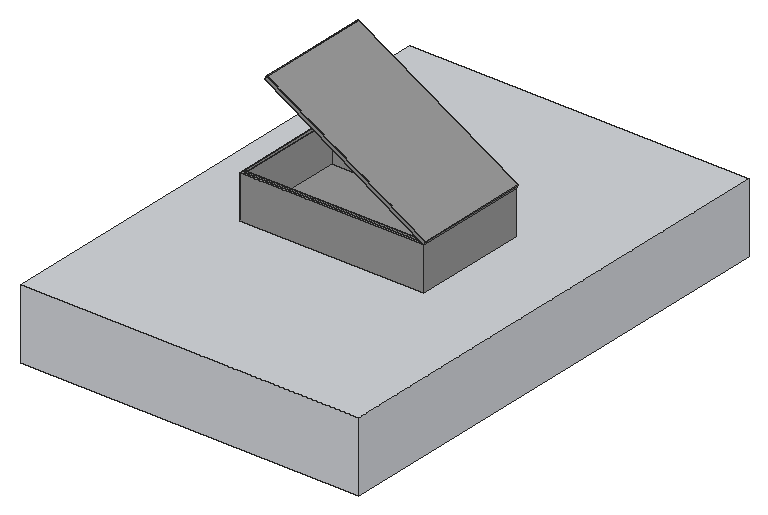
Revit family "Hager-Univers-IP54-D205-H500-Cl.I-Encl-CH-fr", category Equipement électrique, Revit 2020
Family settings
  Hôte = Face
  Configuration du panneau = Deux colonnes, circuits au sein
  Cote de connecteur circulaire = Utiliser le diamètre
  Type d'élément = Tableau de raccordement
  Couper avec des vides une fois chargée = Non
  Partagée = Non
  Point de calcul de pièce = Non
Parameters (values of type "saillie IP54 L800 H500 P205  - FP33TW2")
  Width Control [instance] = if([EF000008 - largeur] > Min Width, [EF000008 - largeur], Min Width)  # 800 mm
  Commentaires du type = [HG000003 - Gamme]  # "Univers"
  Thickness Door [instance] = if([EF009171 - épaisseur de matériau de la porte/du couvercle] > 3 mm, 3 mm, [EF009171 - épaisseur de matériau de la porte/du couvercle])  # 1 mm
  Seal Frame Offset [instance] = 17 mm  # constant formula
  Plinth Visibility [instance] = [HG000027 - Hauteur du socle] > 0 mm  # no
  Model = ""
  Min Width [instance] = 100 mm  # constant formula
  Min Height [instance] = 100 mm  # constant formula
  Min Depth [instance] = (2 * [EF009170 - épaisseur de matériau du boîtier]) + 1 mm  # 3 mm
  Internal Frame Depth [instance] = (Door System Depth * 0.5)  # 9 mm
  Height Control [instance] = if([EF000040 - hauteur] > Min Height, [EF000040 - hauteur], Min Height)  # 500 mm
  HG000027 - Hauteur du socle = 0 mm
  HG000026 - Installation au sol = no
  HG000024 - Hauteur de la section basse = 800 mm
  HG000023 - Armoire double section = no
  HG000016 - Visibilité de la porte 3D [instance] = yes
  HG000015 - Visibilité de l'emprise de la porte [instance] = no
  HG000014 - Porte à droite [instance] = yes
  HG000013 - Porte à gauche [instance] = not([HG000014 - Porte à droite])  # no
  HG000012 - Angle de pivotement de la porte [instance] = 30.00°
  HG000010 - Portes asymétriques = no
  HG000009 - Porte à double battant = no
  HG000006 - Encastré = no
  HG000004 - Référence fabricant = "FP33TW2"
  HG000003 - Gamme = "Univers"
  HG000002 - avec porte = yes
  Frame Offset Bottom [instance] = 10 mm  # constant formula
  Frame Offset [instance] = 15 mm  # constant formula
  EF015940 - couvercle avec décharge de pression = no
  EF011959 - degré de protection (NEMA) = ""
  EF009554 - nombre d'ouvertures pour plaques à bride = 6
  Fabricant = "Hager"  # constant formula
  EF009212 - finition du couvercle = "EV000116 - fermé"
  EF009171 - épaisseur de matériau de la porte/du couvercle = 1 mm
  EF009170 - épaisseur de matériau du boîtier = 1 mm
  EF008873 - courant nominal (In) = 250 A
  EF007800 - adapté à un parafoudre = no
  EF006306 - avec serrure = no
  EF006244 - couvercle/porte transparent(e) = no
  EF005474 - indice de protection (IP) = "EV006419 - IP54"
  EF004464 - type de porte = "EV002646 - unique"
  EF004427 - nombre de modules = 108
  EF004293 - indice de protection contre les chocs (IK) = "EV006815 - IK09"
  EF003532 - convient pour utilisation à l’extérieur = no
  EF002950 - largeur en nombre de modules = 36
  EF001613 - maintien de fonction = "EV000494 - sans"
  EF001596 - matériau du boîtier/corps = "EV000179 - acier"
  EF001131 - profondeur intérieure = 205 mm
  EF001088 - possibilité de montage en saillie = yes
  EF000437 - nombre d'entrées de conduit = 6
  EF000339 - type de capot = "EV001012 - couvercle"
  EF000266 - nombre de rangées = 3
  EF000218 - profondeur d'encastrement = 205 mm
  EF000118 - avec cadre/support de montage = no
  EF000116 - numéro RAL = "9010"
  EF000049 - profondeur = 205 mm
  EF000040 - hauteur = 500 mm
  EF000008 - largeur = 800 mm
  EF000007 - couleur = "EV000202 - blanc"
  EF000003 - mode de pose = "EV000384 - saillie"
  Door System Leaf Tolerance [instance] = 1.5 mm  # constant formula
  Door System Depth [instance] = 18 mm  # constant formula
  Door Height [instance] = Height Control - [HG000027 - Hauteur du socle]  # 500 mm
  Depth Control [instance] = if([EF000049 - profondeur] > Min Depth, [EF000049 - profondeur], Min Depth)  # 205 mm
  Default Elevation = 0 mm
  Connector Offset [instance] = Height Control / 2  # 250 mm
  Bottom Top Plate Trim [instance] = 1.5 mm  # constant formula
  Plinth height Ctrl [instance] = if([HG000027 - Hauteur du socle] > 0 mm, [HG000027 - Hauteur du socle], 12 mm)  # 12 mm
Types (5, lengths in mm): name | Width Control | HG000004 - Référence fabricant | EF009554 - nombre d'ouvertures pour plaques à bride | EF004464 - type de porte | EF004427 - nombre de modules | EF002950 - largeur en nombre de modules | EF000437 - nombre d'entrées de conduit | EF000008 - largeur
  saillie IP54 L1050 H500 P205  - FP34TW2 | 1050 | "FP34TW2" | 8 | "EV003602 - double" | 144 | 48 | 8 | 1050
  saillie IP54 L1300 H500 P205  - FP35TW2 | 1300 | "FP35TW2" | 10 | "EV003602 - double" | 180 | 60 | 10 | 1300
  saillie IP54 L300 H500 P205  - FP31TW2 | 300 | "FP31TW2" | 2 | "EV002646 - unique" | 36 | 12 | 2 | 300
  saillie IP54 L550 H500 P205  - FP32TW2 | 550 | "FP32TW2" | 4 | "EV002646 - unique" | 72 | 24 | 4 | 550
  saillie IP54 L800 H500 P205  - FP33TW2 | 800 | "FP33TW2" | 6 | "EV002646 - unique" | 108 | 36 | 6 | 800
Reference planes
  plane 1 "Center (Front/Back)": y = 0
  plane 2: z = 0
  plane 3 "Center (Left/Right)": x = 0
  plane 4: z = 205
  plane 5: y = 1
  plane 6: y = 250
  plane 7: y = 0
  plane 8: y = 500
  plane 9: z = 0
  plane 10: x = -385
  plane 11: x = 385
  plane 12: x = 384
  plane 13: x = -384
  plane 14: y = 499
  plane 15: x = -383
  plane 16: x = -400
  plane 17: x = 383
  plane 18: x = 400
  plane 19: x = 399
  plane 20: x = -399
  plane 21: y = 11
  plane 22: y = 500
  plane 23: y = 484
  plane 24: z = 187
  plane 25: z = 1
  plane 26: z = 186
  plane 27: z = 204
Forms (mm)
  Extrusion 1, solid
    sketch origin (0, 0, 0) x (1, 0, 0) y (0, 1, 0)
      loop
        line (-702.964, 1305) -> (-702.964, -811.445) -> (766.763, -811.445) -> (766.763, 1305) -> (-702.964, 1305)
    from 0 to -304.8
  Extrusion 2, solid, material "Hager_Steel_RAL7035_Light_Grey", visible <- "Plinth Visibility", detail levels medium+fine
    sketch origin (0, 0, 0) x (1, 0, 0) y (0, 1, 0)
      loop
        line (-400, 0) -> (400, 0) -> (400, 12) -> (-400, 12) -> (-400, 0)
    from 0 to 187
  Extrusion 3, solid, material "Hager_Steel_RAL7035_Light_Grey", detail levels medium+fine
    sketch origin (0, 0, 0) x (1, 0, 0) y (0, 1, 0)
      loop
        line (-400, 0) -> (400, 0) -> (400, 500) -> (-400, 500) -> (-400, 0)
    from 0 to 187
  Extrusion 4, void
    sketch origin (0, 0, 0) x (1, 0, 0) y (0, 1, 0)
      loop
        line (-399, 1) -> (399, 1) -> (399, 499) -> (-399, 499) -> (-399, 1)
    from 1 to 186
  Extrusion 5, void
    sketch origin (-381.607, -4572, 187) x (0, -1, 0) y (-1, 0, 0)
      loop
        line (-4583, 2.393) -> (-5056, 2.393) -> (-5056, -765.607) -> (-4583, -765.607) -> (-4583, 2.393)
    from 0 to 1 <- "EF009170 - épaisseur de matériau du boîtier"
  Extrusion 6, solid, material "Hager_Steel_RAL7035_Light_Grey", detail levels fine
    sketch origin (0, 0, 187) x (1, 0, 0) y (0, 1, 0)
      loop
        line (-384, 484) -> (-384, 11) -> (384, 11) -> (384, 484) -> (-384, 484)
      loop
        line (-385, 10) -> (385, 10) -> (385, 485) -> (-385, 485) -> (-385, 10)
    from 0 to 9 <- "Internal Frame Depth"
  Extrusion 7, solid, material "Hager_Steel_RAL7035_Light_Grey", detail levels coarse
    sketch origin (0, 0, 0) x (1, 0, 0) y (0, 1, 0)
      loop
        line (-400, 0) -> (400, 0) -> (400, 500) -> (-400, 500) -> (-400, 0)
    from 0 to 205
  Sweep 8, void
    path in 3D
      loop
        line (-400, 12, 0) -> (400, 12, 0) -> (400, 12, 187) -> (-400, 12, 187) -> (-400, 12, 0)
    profile origin (-400, 12, 93.5) x (-1, 0, 0) y (0, -1, 0)
      loop
        line (0, 0) -> (0, 1.5) -> (-1.5, 1.5)
        arc (-1.5, 1.5) -> (-1.061, 0.439) -> (0, 0) r 1.5
Cuts and joins
  Extrusion 4, Extrusion 5 cuts Extrusion 3
  Sweep 8 cuts Extrusion 2
Lines and regions (mm)
  Masking region 1
    outline origin (0, 0, 0) x (1, 0, 0) y (0, 0, 1)
      loop
        line (-400, 205) -> (-400, 0) -> (400, 0) -> (400, 205) -> (-400, 205)
  Masking region 2, detail levels medium+fine
    outline origin (0, 140, 0) x (0, 1, 0) y (0, 0, 1)
      loop
        line (-140, 0) -> (360, 0) -> (360, 187) -> (-140, 187) -> (-140, 0)
  Masking region 3, not visible, detail levels medium+fine
    outline origin (0, 297.922, 0) x (0, 1, 0) y (0, 0, 1)
      loop
        line (-36.422, 0) -> (3.578, 0) -> (3.578, 194)
        arc (3.578, 194) -> (0.649, 201.071) -> (-6.422, 204) r 10
        line (-6.422, 204) -> (-36.422, 204) -> (-36.422, 0)
  Masking region 4, detail levels coarse
    outline origin (0, 0, 180) x (0, 1, 0) y (0, 0, 1)
      loop
        line (0, -180) -> (500, -180) -> (500, 25) -> (0, 25) -> (0, -180)
  Masking region 5, visible <- "Plinth Visibility", detail levels medium+fine
    outline origin (0, 52.24, 12.345) x (0, 0, -1) y (0, 1, 0)
      loop
        line (10.845, -40.24) -> (-173.155, -40.24)
        arc (-173.155, -40.24) -> (-173.594, -41.301) -> (-174.655, -41.74) r 1.5
        line (-174.655, -41.74) -> (-174.655, -52.24) -> (12.345, -52.24) -> (12.345, -41.74)
        arc (12.345, -41.74) -> (11.285, -41.301) -> (10.845, -40.24) r 1.5
  Masking region 6, detail levels medium+fine
    outline origin (-381.607, -4572, 187) x (-1, 0, 0) y (0, -1, 0)
      loop
        line (18.393, -5072) -> (18.393, -4572) -> (-781.607, -4572) -> (-781.607, -5072) -> (18.393, -5072)
  Masking region 7, visible <- "Plinth Visibility", detail levels medium+fine
    outline origin (-381.607, -4727, 187) x (-1, 0, 0) y (0, -1, 0)
      loop
        arc (16.893, -4739) -> (17.332, -4737.939) -> (18.393, -4737.5) r 1.5
        line (18.393, -4737.5) -> (18.393, -4727) -> (-781.607, -4727) -> (-781.607, -4737.5)
        arc (-781.607, -4737.5) -> (-780.546, -4737.939) -> (-780.107, -4739) r 1.5
        line (-780.107, -4739) -> (16.893, -4739)
  Masking region 8, detail levels coarse
    outline origin (-442.548, -4669.526, 187) x (-1, 0, 0) y (0, -1, 0)
      loop
        line (-42.548, -5169.526) -> (-42.548, -4669.526) -> (-842.548, -4669.526) -> (-842.548, -5169.526) -> (-42.548, -5169.526)
  sketch lines
    curve 1: line (-400, 12, 187) -> (-400, 12, 0)
    curve 2: line (400, 12, 187) -> (-400, 12, 187)
    curve 3: line (400, 12, 187) -> (400, 12, 0)
    curve 4: line (-400, 12, 0) -> (400, 12, 0)
Dimensions and locks
  "Depth Control": plane 4 to Extrusion 1
  "HG000027 - Hauteur du socle": plane 1 "Center (Front/Back)" to plane 7
  "EF009170 - épaisseur de matériau du boîtier": plane 5 to plane 7
  locked: connector elem to plane 3 "Center (Left/Right)"
  equal spacing: plane 8, plane 6, plane 7
  locked: connector elem to plane 6
  "EF009170 - épaisseur de matériau du boîtier": plane 8 to plane 14
  "EF009170 - épaisseur de matériau du boîtier": plane 10 to plane 13
  "EF009170 - épaisseur de matériau du boîtier": plane 12 to plane 11
  "Frame Offset": plane 20 to plane 13
  "Frame Offset": plane 12 to plane 19
  "EF009170 - épaisseur de matériau du boîtier": plane 16 to plane 20
  "EF009170 - épaisseur de matériau du boîtier": plane 19 to plane 18
  "Seal Frame Offset": plane 16 to plane 15
  "Seal Frame Offset": plane 17 to plane 18
  "Frame Offset Bottom": plane 21 to plane 5
  "Frame Offset": plane 14 to plane 23
  equal spacing: plane 16, plane 3 "Center (Left/Right)", plane 18
  "Width Control": plane 16 to plane 18
  "EF009170 - épaisseur de matériau du boîtier": plane 4 to plane 27
  "EF009170 - épaisseur de matériau du boîtier": plane 24 to plane 26
  "EF009170 - épaisseur de matériau du boîtier": plane 25 to level
  "Door System Depth": plane 4 to plane 24
  "Height Control": plane 1 "Center (Front/Back)" to Extrusion 7 sketch curve
  "Height Control": Masking region 4 sketch curve to plane 1 "Center (Front/Back)"
  "Height Control": plane 1 "Center (Front/Back)" to plane 22
  "Bottom Top Plate Trim": profile plane to Sweep 8 sketch curve
  "Bottom Top Plate Trim": Sweep 8 sketch curve to profile plane
  "Plinth height Ctrl": plane 1 "Center (Front/Back)" to Extrusion 2 sketch curve
  "Plinth height Ctrl": Masking region 5 sketch curve to plane 1 "Center (Front/Back)"
  "Plinth height Ctrl": plane 1 "Center (Front/Back)" to Masking region 7 sketch curve
  "Thickness Door": Extrusion 6 sketch curve to Extrusion 6 sketch curve  (x3)
  "Thickness Door": cut or joined group of Extrusion 3, Extrusion 4, Extrusion 5 to Extrusion 6 sketch curve
  radius of Masking region 3 sketch curve = 10 mm
  "Bottom Top Plate Trim": radius of Masking region 5 sketch curve  (x2)
  "Bottom Top Plate Trim": radius of Sweep 8 sketch curve
  "Bottom Top Plate Trim": radius of Masking region 7 sketch curve  (x2)
  aligned and locked: plane 2 to Extrusion 1
  aligned and locked: level to Extrusion 1
  aligned and locked: level to Masking region 1 sketch curve
  aligned and locked: Masking region 1 sketch curve to plane 18
  aligned and locked: Masking region 1 sketch curve to plane 16
  aligned and locked: plane 7 to Masking region 2 sketch curve
  aligned and locked: level to Masking region 3 sketch curve
  aligned and locked: Masking region 3 sketch curve to plane 27
  aligned and locked: level to Masking region 2 sketch curve
  aligned and locked: plane 1 "Center (Front/Back)" to Extrusion 2 sketch curve
  aligned and locked: Extrusion 3 sketch curve to plane 7
  aligned and locked: plane 16 to Extrusion 3 sketch curve
  aligned and locked: plane 18 to Extrusion 3 sketch curve
  aligned and locked: plane 20 to Extrusion 4 sketch curve
  aligned and locked: plane 19 to Extrusion 4 sketch curve
  aligned and locked: Extrusion 4 sketch curve to plane 5
  aligned and locked: Extrusion 4 to plane 25
  aligned and locked: plane 26 to Extrusion 4
  aligned and locked: plane 24 to Extrusion 3
  aligned and locked: Extrusion 5 sketch curve to plane 21
  aligned and locked: Extrusion 5 sketch curve to plane 13
  aligned and locked: Extrusion 5 sketch curve to plane 12
  aligned and locked: plane 18 to Extrusion 7 sketch curve
  aligned and locked: plane 1 "Center (Front/Back)" to Extrusion 7 sketch curve
  aligned and locked: plane 16 to Extrusion 7 sketch curve
  aligned and locked: plane 4 to Extrusion 7
  aligned and locked: Extrusion 7 to level
  aligned and locked: level to Masking region 4 sketch curve
  aligned and locked: Masking region 4 sketch curve to plane 1 "Center (Front/Back)"
  aligned and locked: Masking region 4 sketch curve to plane 4
  aligned and locked: nested 1 to level
  aligned and locked: nested 1 to plane 16
  aligned and locked: plane 8 to Extrusion 3 sketch curve
  aligned and locked: plane 23 to Extrusion 5 sketch curve
  aligned and locked: plane 14 to Extrusion 4 sketch curve
  aligned and locked: Masking region 2 sketch curve to plane 8
  aligned and locked: level to Masking region 5 sketch curve
  aligned and locked: plane 16 to Extrusion 2 sketch curve
  aligned and locked: plane 18 to Extrusion 2 sketch curve
  aligned and locked: Masking region 5 sketch curve to plane 24
  aligned and locked: Masking region 2 sketch curve to plane 24
  aligned and locked: plane 24 to Extrusion 2
  aligned and locked: profile plane to Sweep 8 sketch curve  (x2)
  aligned and locked: Masking region 6 sketch curve to plane 18
  aligned and locked: Masking region 6 sketch curve to plane 22
  aligned and locked: Masking region 6 sketch curve to plane 16
  aligned and locked: plane 8 to plane 22
  aligned and locked: Masking region 6 sketch curve to plane 7
  aligned and locked: Masking region 7 sketch curve to plane 16
  aligned and locked: Masking region 7 sketch curve to plane 1 "Center (Front/Back)"
  aligned and locked: Masking region 7 sketch curve to plane 18
  aligned and locked: Masking region 8 sketch curve to plane 1 "Center (Front/Back)"
  aligned and locked: Masking region 8 sketch curve to plane 18
  aligned and locked: Masking region 8 sketch curve to plane 22
  aligned and locked: Masking region 8 sketch curve to plane 16
  aligned and locked: nested 2 to plane 7
  aligned and locked: plane 3 "Center (Left/Right)" to nested 2
  aligned and locked: nested 2 to plane 24
  aligned and locked: Extrusion 6 sketch curve to cut or joined group of Extrusion 3, Extrusion 4, Extrusion 5  (x4)
Automatic sketch dimensions
  Extrusion 1 sketch curve to Extrusion 1 sketch curve = 1469.727 mm
  Extrusion 1 sketch curve to Extrusion 1 sketch curve = 2116.445 mm
  Masking region 1 sketch curve to plane 4 = 0 mm
  plane 6 to Masking region 3 sketch curve = 11.5 mm
  Masking region 3 sketch curve to Masking region 3 sketch curve = 30 mm
  Masking region 5 sketch curve to plane 1 "Center (Front/Back)" = 0 mm
Nested families
  nested 1: "Hager_Enclosure_Symbol" at (-400, 0, 0) x (1, 0, 0) z (0, -1, 0), Height <- "Depth Control", Width <- "Width Control", type "Hager_Enclosure_Symbol"
    with Width_Ctrl 800 mm, Width 800 mm, Height_Ctrl 205 mm, Height 205 mm, A_Width_Int 13.453 mm, A_Width 161.438 mm, A_Height_Ctrl 179.375 mm, A_Height 179.375 mm
  nested 2: "EC000058_Univers_Door" at (0, 0, 187) x (1, 0, 0) z (0, 1, 0), Leaf_Tolerance <- "Door System Leaf Tolerance", Angle <- "HG000012 - Angle de pivotement de la porte", Door_Depth <- "Door System Depth", Door_Left <- "HG000013 - Porte à gauche", Transparent <- "EF006244 - couvercle/porte transparent(e)", Assymetrical <- "HG000010 - Portes asymétriques", Width <- "Width Control", Clearance <- "HG000015 - Visibilité de l'emprise de la porte", Double <- "HG000009 - Porte à double battant", 3d_Door <- "HG000016 - Visibilité de la porte 3D", Lock_Visibility <- "EF006306 - avec serrure", Width_Ctrl <- "Width Control", Door_Right <- "HG000014 - Porte à droite", Door <- "HG000002 - avec porte", Height <- "Door Height", Thickness <- "Thickness Door", type "EC000058_Univers_Door", detail levels medium+fine
    with min_wh 3 mm, Width_Ctrl 800 mm, Width 800 mm, Transparent no, Thickness 1 mm, Seal_Material Hager_Rubber, Lock_Visibility no, Lock_Material Hager_Plastic_RAL9005_Jet_Black, Leaf_Width 800 mm, Leaf_Tolerance_External_Sides 0 mm, Leaf_Tolerance 1.5 mm, Leaf_Offset 0 mm, Leaf_Height 497 mm, Leaf_2_Width 800 mm, Leaf_2_Offset 400 mm, Leaf_1_Width 800 mm, Leaf_1_Offset 400 mm, Height_Ctrl 500 mm, Height 500 mm, Glass_Material Hager_Glass, Double_Clearance_Ctrl no, Double no, Door_Right_Ctrl yes, Door_Right yes, Door_Material Hager_Steel_RAL7035_Light_Grey, Door_Left_Ctrl no, Door_Left no, Door_Depth 18 mm, Door yes, Clearance_Material Hager_Clearance, Clearance_Depth 800 mm, Clearance_Ctrl no, Clearance no, Assymetrical no, Angle 30.00°, 3d_Door yes
Connectors
  electrical at (0, 250, 0)
    settings: on plane 9, index 1, voltage 0 V, apparent load 0 VA, apparent load phase1 0 VA, apparent load phase2 0 VA, apparent load phase3 0 VA, power factor 1, load classification "Other", number of poles 1, system type 30, power factor state 1, is connector primary yes, connector utility no, sub classification motor no, connector description ""
Definition of nested family "EC000058_Univers_Door"
  Parameters (values of type "EC000058_Univers_Door")
    min_wh [instance] = (2 * Thickness) + 1 mm  # 11 mm
    Width_Ctrl [instance] = 400 mm
    Width [instance] = 500 mm
    Transparent [instance] = yes
    Thickness [instance] = 5 mm
    Seal_Material [instance] = none
    Lock_Visibility [instance] = yes
    Lock_Material [instance] = none
    Leaf_Width [instance] = if((Width_Ctrl - 2 * Leaf_Tolerance_External_Sides) > 0 mm, (Width_Ctrl - 2 * Leaf_Tolerance_External_Sides), min_wh)  # 400 mm
    Leaf_Tolerance_External_Sides [instance] = 0 mm  # constant formula
    Leaf_Tolerance [instance] = 1.5 mm
    Leaf_Offset [instance] = 0 mm  # constant formula
    Leaf_Height [instance] = if((Height_Ctrl - 2 * Leaf_Tolerance) > 0 mm, (Height_Ctrl - 2 * Leaf_Tolerance), min_wh)  # 497 mm
    Leaf_2_Width [instance] = if(and(and(Double, Assymetrical), Door_Left), (Leaf_Width / 3) - (Leaf_Tolerance / 2), if(and(and(Double, Assymetrical), Door_Right), (Leaf_Width / 3) * 2 - (Leaf_Tolerance / 2), if(and(Double, not(Assymetrical)), (Leaf_Width / 2) - Leaf_Tolerance, Leaf_Width)))  # 400 mm
    Leaf_2_Offset [instance] = if(and(Double, Assymetrical), Leaf_2_Width / 2, if(and(Double, not(Assymetrical)), Leaf_Width / 4, Leaf_Width / 2))  # 200 mm
    Leaf_1_Width [instance] = if(and(and(Double, Assymetrical), Door_Right), (Leaf_Width / 3) - (Leaf_Tolerance / 2), if(and(and(Double, Assymetrical), Door_Left), (Width / 3) * 2 - (Leaf_Tolerance / 2), if(and(Double, not(Assymetrical)), (Leaf_Width / 2) - Leaf_Tolerance, Leaf_Width)))  # 400 mm
    Leaf_1_Offset [instance] = if(and(Double, Assymetrical), Leaf_1_Width / 2, if(and(Double, not(Assymetrical)), Leaf_Width / 4, Leaf_Width / 2))  # 200 mm
    Height_Ctrl [instance] = if(Height > min_wh, Height, min_wh)  # 500 mm
    Height [instance] = 500 mm
    Glass_Material [instance] = none
    Double_Clearance_Ctrl [instance] = and(Double, Clearance)  # no
    Double [instance] = no
    Door_Right_Ctrl [instance] = and(or(Door_Right, Double), Door)  # yes
    Door_Right [instance] = yes
    Door_Material [instance] = none
    Door_Left_Ctrl [instance] = and(or(Door_Left, Double), Door)  # no
    Door_Left [instance] = no
    Door_Depth [instance] = 30 mm
    Door [instance] = yes
    Default Elevation = 1219.2 mm
    Clearance_Material [instance] = none
    Clearance_Depth [instance] = if(Leaf_1_Width > Leaf_2_Width, Leaf_1_Width, Leaf_2_Width)  # 400 mm
    Clearance_Ctrl [instance] = and(not(Double), Clearance)  # yes
    Clearance [instance] = yes
    Assymetrical [instance] = yes
    Angle [instance] = 30.00°
    3d_Door [instance] = yes
  Reference planes
    plane 1 "Center (Front/Back)": y = 0
    plane 2 "Bottom": z = 0
    plane 3 "Center (Left/Right)": x = 0
    plane 4: z = 500
    plane 5: x = -200
    plane 6: x = 200
    plane 7: z = 500
    plane 8: x = -200
    plane 9: z = 0
    plane 10: x = 200
    plane 11: y = 0
    plane 12: z = 1.5
    plane 13: x = -600
    plane 14: y = -400
    plane 15: x = 600
    plane 16: x = 0
    plane 17: x = 0
    plane 18: x = -200
    plane 19: x = 200
    plane 20: z = 498.5
  Forms (mm)
    Extrusion 1, solid, material <- "Clearance_Material", visible <- "Double_Clearance_Ctrl"
      sketch origin (1200, 0, 0) x (1, 0, 0) y (0, 0, -1)
        loop
          line (-1800, -498.5) -> (-600, -498.5) -> (-600, 0) -> (-1800, 0) -> (-1800, -498.5)
      from 0 to -400
  Dimensions and locks
    equal spacing: plane 5, plane 3 "Center (Left/Right)", plane 6
    "Width_Ctrl": plane 5 to plane 6
    "Leaf_Offset": plane 5 to plane 8
    "Leaf_Offset": plane 6 to plane 10
    "Leaf_Offset": plane 9 to level
    "Leaf_Offset": plane 4 to plane 7
    "Height_Ctrl": plane 4 to level
    "Leaf_Tolerance": plane 12 to plane 9
    locked: plane 11 to plane 1 "Center (Front/Back)"
    "Leaf_1_Offset": plane 18 to plane 16
    "Leaf_2_Offset": plane 17 to plane 19
    "Leaf_1_Width": plane 13 to plane 8
    "Leaf_2_Width": plane 10 to plane 15
    "Clearance_Depth": plane 14 to plane 1 "Center (Front/Back)"
    "Leaf_Tolerance_External_Sides": plane 8 to plane 18
    "Leaf_Tolerance_External_Sides": plane 19 to plane 10
    "Leaf_Tolerance": plane 7 to plane 20
    aligned and locked: level to plane 2 "Bottom"
    aligned and locked: nested 1 to plane 16
    aligned and locked: nested 2 to plane 17
    aligned and locked: Extrusion 1 to plane 13
    aligned and locked: plane 15 to Extrusion 1
    aligned and locked: Extrusion 1 to plane 14
    aligned and locked: plane 12 to nested 1
    aligned and locked: nested 2 to plane 12
    aligned and locked: Extrusion 1 to plane 11
    aligned and locked: plane 20 to Extrusion 1
    aligned and locked: nested 2 to plane 11
    aligned and locked: nested 1 to plane 11
  Automatic sketch dimensions
    Extrusion 1 sketch curve to level = 0 mm
    plane 5 to Extrusion 1 sketch curve = 400 mm
    plane 6 to Extrusion 1 sketch curve = 400 mm
    Extrusion 1 sketch curve to plane 4 = 1.5 mm
  Nested families
    nested 1: "EC000058_Univers_Door_Leaf" at (0, 0, 1.5), Width <- "Leaf_1_Width", visible <- "Door_Left_Ctrl", Leaf_Height <- "Leaf_Height", Angle <- "Angle", 3d_Door <- "3d_Door", Transparent <- "Transparent", Clearance Material <- "Clearance_Material", Clearance <- "Clearance_Ctrl", Door_Material <- "Door_Material", Glass_Material <- "Glass_Material", Door_Depth <- "Door_Depth", Lock_Material <- "Lock_Material", Seal_Material <- "Seal_Material", Lock_Visibility <- "Lock_Visibility", Thickness <- "Thickness", type "EC000058_Univers_Door_Leaf"
      with Width 400 mm, Transparent_Glass_Offset 30 mm, Transparent_Ctrl yes, Transparent yes, Thickness 5 mm, Standard no, Seal_Material none, Seal_D2 8 mm, Seal_D1 1 mm, Offset_Internal_Frame 10 mm, Lock_Width 20 mm, Lock_Visibility_3d yes, Lock_Visibility yes, Lock_Thickness_3 3 mm, Lock_Thickness_2 1 mm, Lock_Thickness_1 3 mm, Lock_Radius_Offset_2 16 mm, Lock_Radius_Offset_1 15 mm, Lock_Radius_2 5 mm, Lock_Radius 6 mm, Lock_Offset 5 mm, Lock_Material none, Lock_Height 80 mm, Lock_Cover_Top_Offset_2d 17 mm, Lock_Cover_Height -65 mm, Leaf_Height 497 mm, Internal_Seal_Thickness 8 mm, Internal_Seal_Depth_2 4.5 mm, Internal_Frame_Depth 25 mm, Glass_Thickness -1 mm, Glass_Offset -2 mm, Glass_Material none, Door_Material none, Door_Depth 30 mm, Clearance Material none, Clearance yes, Angle_Ctrl 30.00°, Angle 30.00°, 3d_Door yes
    nested 2: "EC000058_Univers_Door_Leaf" at (0, 0, 1.5) x (-1, 0, 0) z (0, 0, 1), Width <- "Leaf_2_Width", visible <- "Door_Right_Ctrl", Leaf_Height <- "Leaf_Height", Angle <- "Angle", 3d_Door <- "3d_Door", Transparent <- "Transparent", Clearance Material <- "Clearance_Material", Clearance <- "Clearance_Ctrl", Door_Material <- "Door_Material", Glass_Material <- "Glass_Material", Door_Depth <- "Door_Depth", Lock_Material <- "Lock_Material", Seal_Material <- "Seal_Material", Lock_Visibility <- "Lock_Visibility", Thickness <- "Thickness", type "EC000058_Univers_Door_Leaf"
      with Width 400 mm, Transparent_Glass_Offset 30 mm, Transparent_Ctrl yes, Transparent yes, Thickness 5 mm, Standard no, Seal_Material none, Seal_D2 8 mm, Seal_D1 1 mm, Offset_Internal_Frame 10 mm, Lock_Width 20 mm, Lock_Visibility_3d yes, Lock_Visibility yes, Lock_Thickness_3 3 mm, Lock_Thickness_2 1 mm, Lock_Thickness_1 3 mm, Lock_Radius_Offset_2 16 mm, Lock_Radius_Offset_1 15 mm, Lock_Radius_2 5 mm, Lock_Radius 6 mm, Lock_Offset 5 mm, Lock_Material none, Lock_Height 80 mm, Lock_Cover_Top_Offset_2d 17 mm, Lock_Cover_Height -65 mm, Leaf_Height 497 mm, Internal_Seal_Thickness 8 mm, Internal_Seal_Depth_2 4.5 mm, Internal_Frame_Depth 25 mm, Glass_Thickness -1 mm, Glass_Offset -2 mm, Glass_Material none, Door_Material none, Door_Depth 30 mm, Clearance Material none, Clearance yes, Angle_Ctrl 30.00°, Angle 30.00°, 3d_Door yes
  Definition of nested family "EC000058_Univers_Door_Leaf"
    Parameters (values of type "EC000058_Univers_Door_Leaf")
      Width [instance] = 2000 mm
      Transparent_Glass_Offset [instance] = 30 mm
      Transparent_Ctrl [instance] = and(Transparent, [3d_Door])  # yes
      Transparent [instance] = yes
      Thickness [instance] = 5 mm
      Standard [instance] = and(not(Transparent), [3d_Door])  # no
      Seal_Material [instance] = none
      Seal_D2 [instance] = 8 mm  # constant formula
      Seal_D1 [instance] = 1 mm  # constant formula
      Offset_Internal_Frame [instance] = 10 mm  # constant formula
      Lock_Width [instance] = 20 mm  # constant formula
      Lock_Visibility_3d [instance] = and(Lock_Visibility, [3d_Door])  # yes
      Lock_Visibility [instance] = yes
      Lock_Thickness_3 [instance] = 3 mm  # constant formula
      Lock_Thickness_2 [instance] = 1 mm  # constant formula
      Lock_Thickness_1 [instance] = 3 mm  # constant formula
      Lock_Radius_Offset_2 [instance] = Lock_Radius_Offset_1 + 1 mm  # 16 mm
      Lock_Radius_Offset_1 [instance] = 15 mm  # constant formula
      Lock_Radius_2 [instance] = Lock_Radius - 1 mm  # 5 mm
      Lock_Radius [instance] = 6 mm  # constant formula
      Lock_Offset [instance] = 5 mm  # constant formula
      Lock_Material [instance] = none
      Lock_Height [instance] = 80 mm  # constant formula
      Lock_Cover_Top_Offset_2d [instance] = Lock_Radius_Offset_2 + 1 mm  # 17 mm
      Lock_Cover_Height [instance] = -(Lock_Height - Lock_Radius_Offset_1)  # -65 mm
      Leaf_Height [instance] = 2720.336 mm
      Internal_Seal_Thickness [instance] = 8 mm  # constant formula
      Internal_Seal_Depth_2 [instance] = 4.5 mm  # constant formula
      Internal_Frame_Depth [instance] = if(Door_Depth - Thickness > 5 mm, Door_Depth - Thickness, 5 mm)  # 25 mm
      Glass_Thickness [instance] = if(Thickness > 15 mm, Glass_Offset + 10 mm, -1 mm)  # -1 mm
      Glass_Offset [instance] = if(Thickness > 15 mm, -(Thickness + 10 mm) / 2, -2 mm)  # -2 mm
      Glass_Material [instance] = none
      Door_Material [instance] = none
      Door_Depth [instance] = 30 mm
      Default Elevation = 0 mm
      Clearance Material [instance] = none
      Clearance [instance] = yes
      Angle_Ctrl [instance] = if(Angle > 180.00°, 180.00°, Angle)  # 90.00°
      Angle [instance] = 90.00°
      3d_Door [instance] = yes
    Reference planes
      plane 1 "Center (Front/Back)": y = 0
      plane 2: z = 0
      plane 3 "Center (Left/Right)": x = 0
      plane 4: y = 2000
      plane 5: x = -1000
      plane 6: x = 1000
      plane 7: x = -3000
      plane 8: z = 2720.336
      plane 9: z = 30
      plane 10: z = 2690.336
      plane 11: x = 970
      plane 12: x = -970
      plane 13: y = -3
      plane 14: z = 107.833
      plane 15: y = -5
      plane 16: y = -223.314
      plane 17: x = -1000
      plane 18: z = 1360.168
      plane 19: y = 30
    Forms (mm)
      Extrusion 1, solid, material <- "Clearance Material", visible <- "Clearance"
        sketch origin (0, 0, 0) x (1, 0, 0) y (0, 0, 1)
          loop
            line (-3000, 2720.336) -> (-3000, 0) -> (1000, 0) -> (1000, 2720.336) -> (-3000, 2720.336)
        from 0 to -2000
      Extrusion 2, solid, material <- "Door_Material", visible <- "Standard", detail levels medium+fine
        sketch origin (-1000, 0, 0) x (0, 1, 0) y (-1, 0, 0)
          loop
            line (0, 30) -> (0, 25) -> (2000, 25) -> (2000, 30) -> (0, 30)
        from 0 to 2720.336 <- "Leaf_Height"
      Extrusion 3, solid, material <- "Door_Material", visible <- "Transparent_Ctrl", detail levels medium+fine
        sketch origin (-1000, 0, 0) x (0, 1, 0) y (-1, 0, 0)
          loop
            line (0, 25) -> (2000, 25) -> (2000, 30) -> (0, 30) -> (0, 25)
        from 0 to 2720.336 <- "Leaf_Height"
      Extrusion 4, void
        sketch origin (-1025, 2000, 0) x (0, 1, 0) y (0, 0, -1)
          loop
            line (-30, -2690.336) -> (-30, -30) -> (-1970, -30) -> (-1970, -2690.336) -> (-30, -2690.336)
        from 0 to 5 <- "Thickness"
      Sweep 5, solid, material <- "Seal_Material", visible <- "Transparent_Ctrl", detail levels fine
        path in 3D
          loop
            line (-1025, 30, 30) -> (-1025, 30, 2690.336) -> (-1025, 1970, 2690.336) -> (-1025, 1970, 30) -> (-1025, 30, 30)
        profile origin (-1025, 1000, 30) x (1, 0, 0) y (0, 0, 1)
          loop
            line (0, 0) -> (0, -8) -> (1, -8) -> (1, 0) -> (0, 0)
      Extrusion 6, solid, material <- "Glass_Material", visible <- "Transparent_Ctrl", detail levels medium+fine
        sketch origin (-1030, 0, 0) x (0, 1, 0) y (0, 0, -1)
          loop
            line (1970, -2690.336) -> (1970, -30) -> (30, -30) -> (30, -2690.336) -> (1970, -2690.336)
        from -2 <- "Glass_Offset" to -1 <- "Glass_Thickness"
      Extrusion 7, solid, material <- "Door_Material", visible <- "3d_Door", detail levels medium+fine
        sketch origin (-1025, 2000, 0) x (0, -1, 0) y (0, 0, -1)
          loop
            line (0, -2720.336) -> (2000, -2720.336) -> (2000, 0) -> (0, 0) -> (0, -2720.336)
          loop
            line (1995, -5) -> (5, -5) -> (5, -2715.336) -> (1995, -2715.336) -> (1995, -5)
        from 0 to 25 <- "Internal_Frame_Depth"
      Sweep 8, solid, material <- "Seal_Material", visible <- "Transparent_Ctrl", detail levels fine
        path in 3D
          loop
            line (-1025, 0, 0) -> (-1025, 2000, 0) -> (-1025, 2000, 2720.336) -> (-1025, 0, 2720.336) -> (-1025, 0, 0)
        profile origin (-1025, 0, 1360.168) x (1, 0, 0) y (0, 1, 0)
          loop
            line (0, 10) -> (2.975, 10)
            arc (2.975, 10) -> (4.053, 10.447) -> (4.5, 11.525) r 1.525
            line (4.5, 11.525) -> (4.5, 16.527)
            arc (4.5, 16.527) -> (4.069, 17.569) -> (3.027, 18) r 1.473
            line (3.027, 18) -> (0, 18) -> (0, 10)
      Extrusion 9, solid, material <- "Lock_Material", visible <- "Lock_Visibility_3d", detail levels fine
        sketch origin (-1030, 0, 0) x (0, 1, 0) y (0, 0, -1)
          loop
            arc (1993.5, -1400.168) -> (1994.561, -1399.729) -> (1995, -1398.668) r 1.5
            line (1995, -1398.668) -> (1995, -1320.168) -> (1975, -1320.168) -> (1975, -1398.668)
            arc (1975, -1398.668) -> (1975.439, -1399.729) -> (1976.5, -1400.168) r 1.5
            line (1976.5, -1400.168) -> (1993.5, -1400.168)
        from 3 <- "Lock_Thickness_1" to 0
      Blend 10, solid, material <- "Lock_Material", visible <- "Lock_Visibility_3d", detail levels fine
        base sketch origin (-1033, 0, 0) x (0, 1, 0) y (0, 0, -1)
          loop
            line (1975, -1320.168) -> (1975, -1398.668)
            arc (1975, -1398.668) -> (1975.439, -1399.729) -> (1976.5, -1400.168) r 1.5
            line (1976.5, -1400.168) -> (1993.5, -1400.168)
            arc (1993.5, -1400.168) -> (1994.561, -1399.729) -> (1995, -1398.668) r 1.5
            line (1995, -1398.668) -> (1995, -1320.168) -> (1975, -1320.168)
        top sketch origin (-1033, 0, 0) x (0, 1, 0) y (0, 0, -1)
          loop
            line (1976, -1320.168) -> (1976, -1398.668)
            arc (1976, -1398.668) -> (1976.146, -1399.022) -> (1976.5, -1399.168) r 0.5
            line (1976.5, -1399.168) -> (1993.5, -1399.168)
            arc (1993.5, -1399.168) -> (1993.854, -1399.022) -> (1994, -1398.668) r 0.5
            line (1994, -1398.668) -> (1994, -1320.168) -> (1976, -1320.168)
        from 0 to 1 <- "Lock_Thickness_2"
      Blend 11, solid, material <- "Lock_Material", visible <- "Lock_Visibility_3d", detail levels fine
        base sketch origin (-1034, 0, 0) x (0, 1, 0) y (0, 0, -1)
          loop
            line (1978, -1320.168) -> (1978, -1384.168)
            arc (1978, -1384.168) -> (1985, -1391.168) -> (1992, -1384.168) r 7
            line (1992, -1384.168) -> (1992, -1320.168) -> (1978, -1320.168)
        top sketch origin (-1034, 0, 0) x (0, 1, 0) y (0, 0, -1)
          loop
            line (1991, -1320.168) -> (1979, -1320.168) -> (1979, -1383.168)
            arc (1979, -1383.168) -> (1985, -1389.168) -> (1991, -1383.168) r 6
            line (1991, -1383.168) -> (1991, -1320.168)
        from 0 to 3 <- "Lock_Thickness_3"
      Extrusion 12, solid, material <- "Lock_Material", visible <- "Lock_Visibility_3d", detail levels fine
        sketch origin (-1030, 1975, 1320.168) x (1, 0, 0) y (0, -1, 0)
          loop
            line (-7, -19) -> (-7, -1) -> (0, -1) -> (0, 0) -> (-8, 0) -> (-8, -20) -> (0, -20) -> (0, -19) -> (-7, -19)
        from 0 to -65 <- "Lock_Cover_Height"
      Extrusion 13, void
        sketch origin (-1038, 1995, 1320.168) x (-1, 0, 0) y (0, 0, -1)
          loop
            line (-5, -65) -> (0, -65) -> (-5, -60) -> (-5, -65)
        from 0 to 20 <- "Lock_Width"
      Extrusion 14, void
        sketch origin (-1038, 1975, 1320.168) x (0, -1, 0) y (0, 0, -1)
          loop
            circle (-10, -15.995) r 6
          loop
            circle (-10, -15.995) r 5
        from 0 to 2
      Extrusion 15, solid, material <- "Lock_Material", visible <- "Lock_Visibility_3d", detail levels medium
        sketch origin (-1030, 0, 0) x (0, 1, 0) y (0, 0, -1)
          loop
            arc (1993.5, -1400.168) -> (1994.561, -1399.729) -> (1995, -1398.668) r 1.5
            line (1995, -1398.668) -> (1995, -1320.168) -> (1975, -1320.168) -> (1975, -1398.668)
            arc (1975, -1398.668) -> (1975.439, -1399.729) -> (1976.5, -1400.168) r 1.5
            line (1976.5, -1400.168) -> (1993.5, -1400.168)
        from 8 to 0
    Cuts and joins
      Extrusion 4 cuts Extrusion 3
      Extrusion 13, Extrusion 14 cuts Extrusion 9
      Extrusion 14 cuts Blend 11
      Extrusion 13, Extrusion 14 cuts Extrusion 12
      joined: Extrusion 9, Blend 10, Blend 11, Extrusion 12
      Extrusion 14 cuts Extrusion 15
    Lines and regions (mm)
      Masking region 1, visible <- "Lock_Visibility", detail levels fine
        outline origin (0, 0, 0) x (0, 1, 0) y (0, 0, 1)
          loop
            line (30, 1320.168) -> (33, 1320.168) -> (33, 1400.168) -> (30, 1400.168) -> (30, 1320.168)
      Masking region 2, visible <- "Lock_Visibility", detail levels fine
        outline origin (0, 3.143, 0) x (0, 1, 0) y (0, 0, 1)
          loop
            line (29.857, 1354.168) -> (30.857, 1354.168) -> (30.857, 1366.168) -> (29.857, 1366.168) -> (29.857, 1354.168)
      Masking region 3, detail levels medium+fine
        outline origin (0, 0, 0) x (0, 1, 0) y (0, 0, 1)
          loop
            line (0, 0) -> (30, 0) -> (30, 2720.336) -> (0, 2720.336) -> (0, 0)
      Masking region 4, detail levels medium+fine
        outline origin (0, 0, 0) x (1, 0, 0) y (0, 0, 1)
          loop
            line (-1000, 2720.336) -> (-1000, 0) -> (1000, 0) -> (1000, 2720.336) -> (-1000, 2720.336)
      Masking region 5, visible <- "Lock_Visibility", detail levels fine
        outline origin (-47.116, 0, 0) x (1, 0, 0) y (0, 0, 1)
          loop
            arc (1024.616, 1399.168) -> (1023.556, 1398.729) -> (1023.116, 1397.668) r 1.5
            line (1023.116, 1397.668) -> (1023.116, 1320.168) -> (1041.116, 1320.168) -> (1041.116, 1397.668)
            arc (1041.116, 1397.668) -> (1040.677, 1398.729) -> (1039.616, 1399.168) r 1.5
            line (1039.616, 1399.168) -> (1024.616, 1399.168)
      Masking region 6, visible <- "Lock_Visibility", detail levels medium+fine
        outline origin (-25, 0, 0) x (1, 0, 0) y (0, 0, 1)
          loop
            arc (1001.5, 1400.168) -> (1000.439, 1399.729) -> (1000, 1398.668) r 1.5
            line (1000, 1398.668) -> (1000, 1320.168) -> (1020, 1320.168) -> (1020, 1398.668)
            arc (1020, 1398.668) -> (1019.561, 1399.729) -> (1018.5, 1400.168) r 1.5
            line (1018.5, 1400.168) -> (1001.5, 1400.168)
      Masking region 7, visible <- "Lock_Visibility", detail levels fine
        outline origin (-73.735, 0, 0) x (1, 0, 0) y (0, 0, 1)
          loop
            line (1051.735, 1382.168) -> (1065.735, 1382.168) -> (1065.735, 1384.168)
            arc (1065.735, 1384.168) -> (1058.735, 1391.168) -> (1051.735, 1384.168) r 7
            line (1051.735, 1384.168) -> (1051.735, 1382.168)
      Masking region 8, visible <- "Lock_Visibility", detail levels fine
        outline origin (-73.735, 0, 0) x (1, 0, 0) y (0, 0, 1)
          loop
            line (1052.735, 1382.168) -> (1064.735, 1382.168) -> (1064.735, 1383.168)
            arc (1064.735, 1383.168) -> (1058.735, 1389.168) -> (1052.735, 1383.168) r 6
            line (1052.735, 1383.168) -> (1052.735, 1382.168)
      Masking region 9, visible <- "Lock_Visibility", detail levels fine
        outline origin (-25, 0, 0) x (1, 0, 0) y (0, 0, 1)
          loop
            line (1020, 1320.168) -> (1020, 1382.168) -> (1000, 1382.168) -> (1000, 1320.168) -> (1020, 1320.168)
      Masking region 10, detail levels medium+fine
        outline origin (0, 0, 0) x (1, 0, 0) y (0, 0, 1)
          loop
            circle (985, 1335.144) r 6
      Masking region 11, detail levels fine
        outline origin (0, 0, 0) x (1, 0, 0) y (0, 0, 1)
          loop
            circle (985, 1335.144) r 5
      Masking region 12, visible <- "Lock_Visibility", detail levels fine
        outline origin (0, 12.767, 0) x (0, 1, 0) y (0, 0, 1)
          loop
            line (20.233, 1320.168) -> (21.233, 1320.168) -> (21.233, 1399.168) -> (20.233, 1400.168) -> (20.233, 1320.168)
      Masking region 13, visible <- "Lock_Visibility", detail levels fine
        outline origin (0, 13.767, -10) x (0, 1, 0) y (0, 0, 1)
          loop
            line (20.233, 1330.168) -> (23.233, 1330.168) -> (23.233, 1399.168) -> (20.233, 1402.168) -> (20.233, 1330.168)
      Masking region 14, visible <- "Lock_Visibility", detail levels fine
        outline origin (0, 12.767, -10) x (0, 1, 0) y (0, 0, 1)
          loop
            line (20.233, 1330.168) -> (25.233, 1330.168) -> (25.233, 1399.305) -> (20.233, 1394.305) -> (20.233, 1330.168)
      Masking region 15, visible <- "Lock_Visibility", detail levels medium
        outline origin (0, 0, 0) x (0, 1, 0) y (0, 0, 1)
          loop
            line (30, 1320.168) -> (38, 1320.168) -> (38, 1400.168) -> (30, 1400.168) -> (30, 1320.168)
      Masking region 16, visible <- "Lock_Visibility", detail levels fine
        outline origin (-1000, 0, 0) x (0, 1, 0) y (-1, 0, 0)
          loop
            line (1975, 30) -> (1995, 30) -> (1995, 38) -> (1975, 38) -> (1975, 30)
          loop
            line (1979, 37) -> (1976, 37) -> (1976, 34) -> (1978, 34) -> (1979, 37)
          loop
            line (1994, 37) -> (1991, 37) -> (1992, 34) -> (1994, 34) -> (1994, 37)
      Masking region 17, visible <- "Lock_Visibility", detail levels medium
        outline origin (-1000, 0, 0) x (0, 1, 0) y (-1, 0, 0)
          loop
            line (1975, 30) -> (1995, 30) -> (1995, 38) -> (1975, 38) -> (1975, 30)
      symbolic lines
        curve 1: line (1000, 0, 0) -> (-3000, 0, 0)
        curve 2: arc (1000, 0, 0) -> (-1000, 2000, 0) -> (-3000, 0, 0) r 2000
        curve 4: line (-1030, 0, 0) -> (-1030, 2000, 0)
      reference lines
        curve 3: line (-1000, 0, 0) -> (-1000, 2000, 0)
      symbolic lines, detail levels medium+fine
        curve 5: line (-1030, 2000, 0) -> (-1025, 2000, 0)
        curve 7: line (-1025, 0, 0) -> (-1030, 0, 0)
        curve 8: line (-1025, 0, 0) -> (-1000, 0, 0)
        curve 9: line (-1000, 0, 0) -> (-1000, 2000, 0)
        curve 10: line (-1000, 2000, 0) -> (-1025, 2000, 0)
      symbolic lines, detail levels fine
        curve 6: line (-1025, 2000, 0) -> (-1025, 0, 0)
      sketch lines
        curve 11: line (-1025, 0, 2720.336) -> (-1025, 0, 0)
        curve 12: line (-1025, 2000, 0) -> (-1025, 0, 0)
        curve 13: line (-1025, 2000, 2720.336) -> (-1025, 2000, 0)
        curve 14: line (-1025, 0, 2720.336) -> (-1025, 2000, 2720.336)
        curve 15: line (-1025, 1970, 30) -> (-1025, 30, 30)
        curve 16: line (-1025, 30, 30) -> (-1025, 30, 2690.336)
        curve 17: line (-1025, 1970, 2690.336) -> (-1025, 1970, 30)
        curve 18: line (-1025, 30, 2690.336) -> (-1025, 1970, 2690.336)
      symbolic lines, visible <- "Transparent", detail levels medium+fine
        curve 19: line (-970, 0, 2690.336) -> (970, 0, 2690.336)
        curve 20: line (-970, 0, 30) -> (-970, 0, 2690.336)
        curve 21: line (970, 0, 30) -> (-970, 0, 30)
        curve 22: line (970, 0, 2690.336) -> (970, 0, 30)
    Dimensions and locks
      "Width": plane 1 "Center (Front/Back)" to plane 4
      equal spacing: plane 5, plane 3 "Center (Left/Right)", plane 6
      "Width": plane 5 to plane 6
      "Width": plane 7 to plane 5
      "Leaf_Height": plane 8 to level
      "Width": curve 5 to curve 3
      "Width": curve 3 to curve 3
      plane 8 to plane 10 = 30 mm
      plane 9 to level = 30 mm
      plane 12 to plane 5 = 30 mm
      plane 6 to plane 11 = 30 mm
      Extrusion 1 to Extrusion 4 sketch curve = 30 mm
      "Transparent_Glass_Offset": curve 3 to Extrusion 4 sketch curve
      "Transparent_Glass_Offset": Extrusion 4 sketch curve to cut or joined group of Extrusion 3, Extrusion 4  (x2)
      cut or joined group of Extrusion 3, Extrusion 4 to Extrusion 6 sketch curve = 30 mm
      "Transparent_Glass_Offset": cut or joined group of Extrusion 3, Extrusion 4 to Extrusion 4 sketch curve
      "Thickness": curve 6 to curve 4
      "Thickness": Extrusion 7 sketch curve to Extrusion 7 sketch curve  (x4)
      "Door_Depth": curve 4 to curve 3
      "Offset_Internal_Frame": profile plane to Sweep 8 sketch curve
      "Internal_Seal_Thickness": Sweep 8 sketch curve to Sweep 8 sketch curve
      "Internal_Seal_Depth_2": profile plane to Sweep 8 sketch curve
      "Seal_D1": profile plane to Sweep 5 sketch curve
      "Seal_D2": profile plane to Sweep 5 sketch curve
      "Thickness": Extrusion 2 sketch curve to Extrusion 2 sketch curve
      equal spacing: Extrusion 9 sketch curve, plane 18, Extrusion 9 sketch curve  (x2)
      equal spacing: Masking region 1 sketch curve, plane 18, Masking region 1 sketch curve
      "Lock_Height": Masking region 1 sketch curve to Masking region 1 sketch curve
      "Lock_Radius": Masking region 2 sketch curve to plane 18 to Masking region 2 sketch curve
      Masking region 2 sketch curve to Masking region 1 = 1 mm
      "Door_Depth": plane 19 to plane 1 "Center (Front/Back)"
      "Lock_Thickness_1": Masking region 1 sketch curve to plane 19
      "Lock_Width": Extrusion 9 sketch curve to Extrusion 9 sketch curve
      "Lock_Height": Extrusion 9 sketch curve to Extrusion 9 sketch curve
      "Lock_Offset": cut or joined group of Extrusion 3, Extrusion 4 to Extrusion 9 sketch curve
      equal spacing: plane 8, plane 18, level
      "Lock_Radius_Offset_1": Blend 11 sketch curve to Blend 10
      locked: Blend 10 to Blend 11 sketch curve at 2  (x2)
      locked: var sketch to Blend 11 sketch curve at 1  (x2)
      "Lock_Radius_Offset_2": Blend 11 sketch curve to Blend 10
      locked: Extrusion 12 sketch curve to Extrusion 12 sketch curve at 1  (x3)
      Masking region 6 sketch curve to Masking region 6 sketch curve = 80 mm
      "Lock_Height": Masking region 6 sketch curve to Masking region 6 sketch curve
      "Lock_Width": Masking region 6 sketch curve to Masking region 6 sketch curve
      locked: Masking region 6 to Masking region 5 sketch curve at 1  (x3)
      locked: Masking region 5 to Masking region 7 sketch curve at 2  (x2)
      "Lock_Radius_Offset_1": Masking region 5 to Masking region 7 sketch curve
      "Lock_Radius_Offset_2": Masking region 5 to Masking region 8 sketch curve
      locked: Masking region 7 to Masking region 8 sketch curve at 1  (x2)
      "Lock_Cover_Top_Offset_2d": Masking region 5 to Masking region 9 sketch curve
      equal spacing: Masking region 9, Masking region 10 sketch curve, Masking region 9
      equal spacing: Masking region 9, Masking region 11 sketch curve, Masking region 9
      Extrusion 15 sketch curve to Extrusion 15 sketch curve = 80 mm
      "Lock_Width": Extrusion 15 sketch curve to Extrusion 15 sketch curve
      "Lock_Height": Extrusion 15 sketch curve to Extrusion 15 sketch curve
      equal spacing: Extrusion 15 sketch curve, plane 18, Extrusion 15 sketch curve
      "Lock_Thickness_3": Masking region 13 sketch curve to Masking region 13 sketch curve
      "Lock_Height": Masking region 12 sketch curve to Masking region 12 sketch curve
      locked: Masking region 13 sketch curve to Masking region 1 at 8
      locked: Masking region 14 sketch curve to Masking region 13 at 1
      locked: Masking region 14 sketch curve to Masking region 1 at 10.863
      "Lock_Height": Masking region 15 sketch curve to Masking region 15 sketch curve
      "Lock_Offset": Extrusion 15 sketch curve to cut or joined group of Extrusion 3, Extrusion 4
      "Lock_Offset": plane 6 to Masking region 6 sketch curve
      radius of Sweep 8 sketch curve = 1.525 mm
      radius of Sweep 8 sketch curve = 1.473 mm
      radius of Extrusion 9 sketch curve = 1.5 mm  (x2)
      "Lock_Radius": radius of Extrusion 14 sketch curve
      "Lock_Radius_2": radius of Extrusion 14 sketch curve
      "Lock_Radius": radius of Masking region 10 sketch curve
      "Lock_Radius_2": radius of Masking region 11 sketch curve
      radius of Extrusion 15 sketch curve = 1.5 mm  (x2)
      "Angle_Ctrl": angle plane 1 "Center (Front/Back)" to curve 3
      locked: Masking region 12 sketch curve to Masking region 12 sketch curve (angle 45.00°)
      locked: Masking region 13 sketch curve to Masking region 13 sketch curve (angle 45.00°)
      locked: Masking region 14 sketch curve to Masking region 14 sketch curve (angle 45.00°)
      aligned and locked: level to plane 2
      aligned and locked: Extrusion 1 to curve 1
      aligned and locked: plane 6 to Extrusion 1
      aligned and locked: Extrusion 1 to plane 1 "Center (Front/Back)"
      aligned and locked: plane 4 to Extrusion 1
      aligned and locked: plane 8 to Extrusion 1
      aligned and locked: curve 7 to Extrusion 2 sketch curve
      aligned and locked: curve 5 to Extrusion 2 sketch curve
      aligned and locked: curve 7 to Extrusion 3 sketch curve
      aligned and locked: Extrusion 3 sketch curve to curve 4
      aligned and locked: Extrusion 3 sketch curve to curve 6
      aligned and locked: Extrusion 3 sketch curve to curve 5
      aligned and locked: curve 9 to curve 3
      aligned and locked: Extrusion 7 sketch curve to cut or joined group of Extrusion 3, Extrusion 4  (x4)
      aligned and locked: plane 17 to curve 3
      aligned and locked: plane 1 "Center (Front/Back)" to curve 3
      aligned and locked: plane 17 to plane 5
      aligned and locked: Sweep 8 sketch curve to profile plane
      aligned and locked: Sweep 5 sketch curve to profile plane  (x2)
      aligned and locked: Masking region 1 to Masking region 2 sketch curve
      aligned and locked: plane 19 to Masking region 1 sketch curve
      aligned and locked: plane 1 "Center (Front/Back)" to Masking region 3 sketch curve
      aligned and locked: plane 19 to Masking region 3 sketch curve
      aligned and locked: level to Masking region 3 sketch curve
      aligned and locked: Masking region 3 sketch curve to plane 8
      aligned and locked: plane 17 to Masking region 4 sketch curve
      aligned and locked: level to Masking region 4 sketch curve
      aligned and locked: Masking region 4 sketch curve to plane 8
      aligned and locked: plane 12 to curve 20
      aligned and locked: plane 10 to curve 19
      aligned and locked: plane 11 to curve 22
      aligned and locked: curve 21 to plane 9
      aligned and locked: Extrusion 2 sketch curve to cut or joined group of Extrusion 3, Extrusion 4
      aligned and locked: Blend 10 sketch curve to Extrusion 9  (x4)
      aligned and locked: Extrusion 9 to Blend 10 sketch curve
      aligned and locked: Blend 10 to Blend 11 sketch curve
      aligned and locked: Extrusion 12 sketch curve to Blend 11
      aligned and locked: Extrusion 12 sketch curve to Extrusion 9  (x4)
      aligned and locked: Masking region 5 sketch curve to Masking region 6
      aligned and locked: Masking region 9 sketch curve to Masking region 6  (x3)
      aligned and locked: Masking region 12 sketch curve to Masking region 1
      aligned and locked: Masking region 13 sketch curve to Masking region 1
      aligned and locked: Masking region 12 to Masking region 14
      aligned and locked: Masking region 14 sketch curve to Masking region 1
      aligned and locked: Masking region 15 sketch curve to Masking region 14
      aligned and locked: Masking region 13 sketch curve to Masking region 12
      aligned and locked: Masking region 16 sketch curve to cut or joined group of Extrusion 14, Extrusion 15  (x4)
      aligned and locked: Masking region 16 sketch curve to cut or joined group of Extrusion 9, Blend 10, Blend 11, Extrusion 12, Extrusion 13, Extrusion 14  (x6)
      aligned and locked: cut or joined group of Extrusion 9, Blend 10, Blend 11, Extrusion 12, Extrusion 13, Extrusion 14 to Masking region 16 sketch curve
      aligned and locked: Masking region 17 sketch curve to cut or joined group of Extrusion 14, Extrusion 15  (x3)
      aligned and locked: Masking region 17 sketch curve to cut or joined group of Extrusion 9, Blend 10, Blend 11, Extrusion 12, Extrusion 13, Extrusion 14
      aligned and locked: Masking region 9 to Masking region 8 sketch curve
      aligned and locked: Masking region 9 to Masking region 7 sketch curve
    Automatic sketch dimensions
      plane 1 "Center (Front/Back)" to curve 2 = 0 mm
      curve 2 to plane 5 = 0 mm
      Extrusion 1 sketch curve to level = 0 mm
      Extrusion 1 sketch curve to plane 7 = 0 mm
      Extrusion 1 sketch curve to plane 6 = 0 mm
      Extrusion 1 sketch curve to plane 8 = 0 mm
      Extrusion 3 to Extrusion 6 sketch curve = 30 mm  (x4)
      Masking region 4 sketch curve to plane 6 = 0 mm
      Blend 10 sketch curve to Extrusion 9 = 1.5 mm
      Blend 10 sketch curve to Extrusion 9 = 1 mm
      Extrusion 13 sketch curve to Extrusion 12 = 0 mm  (x2)
      Extrusion 12 to Extrusion 13 sketch curve = 3 mm
      Extrusion 13 sketch curve to Extrusion 12 = 5 mm
      Extrusion 14 sketch curve to Extrusion 14 sketch curve = 0 mm  (x2)
      Extrusion 14 sketch curve to Extrusion 12 = 10 mm
      Extrusion 14 sketch curve to Extrusion 12 = 15.995 mm
      Masking region 5 sketch curve to Masking region 5 sketch curve = 1.5 mm  (x2)
      Masking region 10 sketch curve to plane 18 = 25.024 mm
      Masking region 11 sketch curve to plane 18 = 25.024 mm
      plane 19 to Masking region 14 sketch curve = 3 mm
      Masking region 16 sketch curve to Masking region 16 sketch curve = 3 mm
      curve 4 to curve 3 = 0 mm
      Blend 10 to Blend 11 sketch curve = 0 mm
      Masking region 6 sketch curve to Masking region 6 sketch curve = 1.5 mm  (x2)
      Masking region 6 sketch curve to plane 18 = 40 mm
      plane 19 to Masking region 12 sketch curve = 3 mm
      Masking region 12 sketch curve to Masking region 12 sketch curve = 1 mm
      Masking region 15 sketch curve to plane 19 = 0 mm
      Masking region 15 sketch curve to plane 18 = 40 mm
      radius of Blend 10 sketch curve to Extrusion 9 = 1 mm
Definition of nested family "Hager_Enclosure_Symbol"
  Parameters (values of type "Hager_Enclosure_Symbol")
    Width_Ctrl [instance] = if(Width > 1 mm, Width, 1 mm)  # 102.27 mm
    Width [instance] = 102.27 mm
    Height_Ctrl [instance] = if(Height > 1 mm, Height, 1 mm)  # 66.5 mm
    A_Width_Int [instance] = if(A_Width / 12 > 2 mm, A_Width / 12, 2 mm)  # 4.364 mm
    A_Width [instance] = if(A_Height_Ctrl * 0.9 > 2 mm, A_Height_Ctrl * 0.9, 2 mm)  # 52.369 mm
    A_Height_Ctrl [instance] = if(A_Height > 2 mm, A_Height, 2 mm)  # 58.188 mm
    Height [instance] = 66.5 mm
    A_Height [instance] = Height - (Height / 8)  # 58.188 mm
  Reference planes
    plane 1 "Centre (avant/arrière)": y = 0
    plane 2: z = 0
    plane 3 "Centre (gauche/droite)": x = 0
    plane 4: x = 52.369
    plane 5: y = 33.042
    plane 6: y = 41.77
    plane 7: y = 66.5
    plane 8: x = 26.184
    plane 9: y = 37.406
    plane 10: x = 102.27
    plane 11: y = 66.5
    plane 12: y = 8.313
  Lines and regions (mm)
    Filled region 1, type "Solid_Black", in view "Niveau de réf."
      outline origin (0, 0, 0) x (1, 0, 0) y (0, 1, 0)
        loop
          line (52.369, 66.5) -> (33.188, 54.536) -> (45.365, 45.006) -> (52.369, 66.5)
    Filled region 2, type "Solid_Black", in view "Niveau de réf."
      outline origin (0, 0, 0) x (1, 0, 0) y (0, 1, 0)
        loop
          line (0, 0) -> (102.27, 0) -> (102.27, 66.5) -> (0, 0)
    detail lines, in view "Niveau de réf."
      curve 1: line (0, 8.313, 0) -> (26.184, 41.77, 0)
      curve 2: line (26.184, 41.77, 0) -> (26.184, 33.042, 0)
      curve 3: line (26.184, 33.042, 0) -> (52.369, 66.5, 0)
  Dimensions and locks
    "A_Width": plane 3 "Centre (gauche/droite)" to plane 4
    equal spacing: plane 3 "Centre (gauche/droite)", plane 8, plane 4
    equal spacing: plane 6, plane 9, plane 5
    equal spacing: curve 3, Filled region 1 sketch curve, Filled region 1 sketch curve
    "Height_Ctrl": plane 1 "Centre (avant/arrière)" to plane 11
    "A_Height_Ctrl": plane 11 to plane 12
    equal spacing: plane 11, plane 9, plane 12
    "A_Width_Int": plane 6 to plane 9
    "Width_Ctrl": plane 3 "Centre (gauche/droite)" to plane 10
    angle Filled region 1 sketch curve to curve 3 = 20.00°
    angle curve 3 to Filled region 1 sketch curve = 20.00°
    locked: curve 3 to Filled region 1 sketch curve (angle 90.00°)
    aligned and locked: plane 10 to Filled region 2
    aligned and locked: plane 11 to Filled region 2 sketch curve
    aligned and locked: plane 10 to Filled region 2 sketch curve
    aligned and locked: plane 3 "Centre (gauche/droite)" to curve 1
    aligned and locked: plane 12 to curve 1
    aligned and locked: plane 7 to plane 11
  Automatic sketch dimensions
    Filled region 1 sketch curve to plane 4 = 0 mm
    Filled region 1 sketch curve to plane 7 = 0 mm
    plane 1 "Centre (avant/arrière)" to Filled region 2 sketch curve = 0 mm
    Filled region 2 sketch curve to plane 3 "Centre (gauche/droite)" = 0 mm
    curve 2 to plane 6 = 0 mm
    curve 2 to plane 8 = 0 mm
    curve 3 to plane 4 = 0 mm
    curve 2 to plane 5 = 0 mm
    curve 3 to plane 7 = 0 mm
